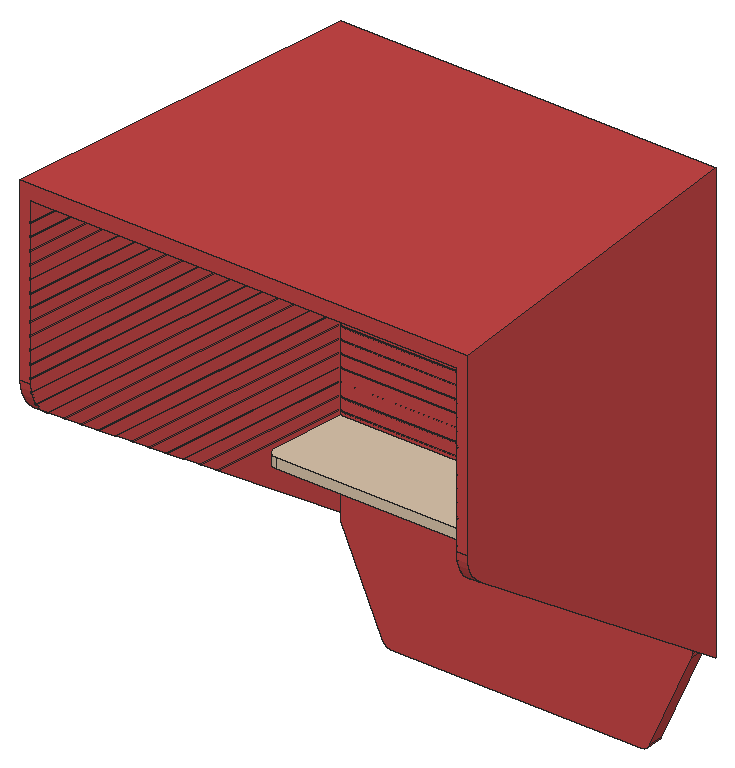
Revit family "Haworth_BuzziHood", category Furniture, host Wall, Revit 2018
Family settings
  Host = Wall
  Always vertical = Yes
  Cut with Voids When Loaded = No
  Shared = No
  Room Calculation Point = No
Parameters (values of type "HCBZ-HDB1-32TW")
  Wood Tablet Finish [instance] = Haworth _ Wood _ Oak BOK-OAK
  Wood Tablet = not(or(No Tablet, Tablet))  # yes
  Warranty = "https://www.haworth.com/resources/product-info/warranties"
  Void Length = if(Flat, 5", 42 1/2")  # 42 1/2"
  Upholstery Finish [instance] = Haworth _ Fabric _ Trevira CS _ Berry BCS-4017
  URL - Product = "https://www.haworth.com/products/architectural-interiors/acoustic-solutions/buzzihood"
  URL = "https://www.haworth.com/our-brands/haworth-collection"
  Tablet Finish [instance] = Haworth _ Paint _ Black BTR-9005
  Tablet = no
  Size = "Verify Final Dim. w/ Haworth"  # constant formula
  Revision Number = "1"  # constant formula
  No Tablet = no
  Mounting Height = 39 47/128"  # constant formula
  Model = "HCBZ-HDB1"  # constant formula
  Manufacturer = "Haworth"  # constant formula
  Flat = not([3D])  # no
  Description = "Haworth BuzziHood Wall Mounted Privacy Booth 3D w Wood Tablet"
  Default Elevation = 48"  # constant formula
  Back Void Length = if(Flat, 1/4", 2 121/256")  # 2 121/256"
  Author = "Haworth (Abd Rahman)"  # constant formula
  Assembly Code = "E2020200"
  Actual Width = 35 61/256"  # constant formula
  Actual Height = 42 33/256"  # constant formula
  Actual Depth = 27 243/256"  # constant formula
  3D = yes
Types (6): name | Wood Tablet | Void Length | Tablet | No Tablet | Flat | Description | Back Void Length | 3D
  HCBZ-HDB1-F2 | no | 5" | no | yes | yes | "Haworth BuzziHood Wall Mounted Privacy Booth Flat w/o Tablet" | 1/4" | no
  HCBZ-HDB1-F2TP | no | 5" | yes | no | yes | "Haworth BuzziHood Wall Mounted Privacy Booth Flat w Painted Tablet" | 1/4" | no
  HCBZ-HDB1-F2TW | yes | 5" | no | no | yes | "Haworth BuzziHood Wall Mounted Privacy Booth Flat w/ Wood Tablet" | 1/4" | no
  HCBZ-HDB1-32 | no | 42 1/2" | no | yes | no | "Haworth BuzziHood Wall Mounted Privacy Booth 3D w/o Tablet" | 2 121/256" | yes
  HCBZ-HDB1-32TP | no | 42 1/2" | yes | no | no | "Haworth BuzziHood Wall Mounted Privacy Booth 3D w Painted Tablet" | 2 121/256" | yes
  HCBZ-HDB1-32TW | yes | 42 1/2" | no | no | no | "Haworth BuzziHood Wall Mounted Privacy Booth 3D w Wood Tablet" | 2 121/256" | yes
Reference planes (in)
  plane 1 "Wall": y = -2.64026
  plane 2 "Center (Left/Right)": x = 4.92126
  plane 3 "Back": y = 4
  plane 4: x = -12.69788
  plane 5: x = 22.5404
  plane 6: y = -31.61073
  plane 7: y = -17.63612
  plane 8: z = 39.36719
  plane 9: z = 81.49609
  plane 10: through (23.13871, -47.0757, 47.24409) normal (0.1045, -0.9945, 0)
  plane 11 "Angle 2": through (-8.95825, -4.80304, 47.24409) normal (0.1045, 0.9945, 0)
  plane 12: through (-13.40071, -47.07022, 47.24409) normal (0.1045, 0.9945, 0)
  plane 13: y = -3.66151
  plane 14: y = -2.95276
  plane 15: z = 80.35433
  plane 16 "Angle 1": through (18.8002, -4.7976, 47.24409) normal (0.1045, -0.9945, 0)
  plane 17: y = -4.80348
  plane 18 "Back Void 1": y = -6.27663
  plane 19 "Back Void 2": y = -3.80397
Forms (in)
  Extrusion 1, void
    sketch origin (4.92126, 0, 0) x (0, 1, 0) y (0, 0, 1)
      loop
        line (-2.95276, 37.12008) -> (-2.95276, 46.43867) -> (-30.28981, 64.91481)
        arc (-30.28981, 64.91481) -> (-31.26001, 65.99384) -> (-31.61073, 67.40189) r 3.00185
        line (-31.61073, 67.40189) -> (-31.61073, 37.12008) -> (-2.95276, 37.12008)
    from -20.23768 to 20.31211
  Extrusion 2, solid, material "Haworth _ Wood _ Oak BOK-OAK" <- "Wood Tablet Finish", visible <- "Wood Tablet"
    sketch origin (0, -0.75, 0) x (1, 0, 0) y (0, 1, 0)
      loop
        arc (18.5017, -10.71749) -> (19.0019, -10.4954) -> (19.17264, -9.97542) r 0.67435
        line (19.17264, -9.97542) -> (18.57489, -4.05348) -> (-8.85797, -4.05348) -> (-9.44434, -9.76615)
        arc (-9.44434, -9.76615) -> (-9.22642, -10.43266) -> (-8.58564, -10.71749) r 0.86321
        line (-8.58564, -10.71749) -> (18.5017, -10.71749)
    from 53.74016 to 54.52756
  Extrusion 3, solid, material "Haworth _ Paint _ Black BTR-9005" <- "Tablet Finish", visible <- "Tablet"
    sketch origin (4.92126, -0.65625, 0.125) x (0, 1, 0) y (0, 0, 1)
      loop
        line (-4.13969, 52.32789) -> (-4.13969, 54.64567) -> (-4.19874, 54.64567) -> (-4.19874, 52.35235) -> (-6.08841, 50.46269) -> (-6.32504, 50.69932) -> (-6.3668, 50.65756) -> (-6.08841, 50.37917) -> (-4.13969, 52.32789)
    from -9.41593 to 9.49741
  Extrusion 4, void
    sketch origin (0, -0.65625, 0) x (1, 0, 0) y (0, 1, 0)
      loop
        line (14.41867, -6.34826) -> (14.41867, -4.19874) -> (13.63631, -4.19874) -> (14.41867, -6.34826)
      loop
        line (-4.57615, -6.34826) -> (-3.79379, -4.19874) -> (-4.57615, -4.19874) -> (-4.57615, -6.34826)
    from 46.90232 to 52.47735
  Extrusion 5, void
    sketch origin (0, -2.64026, 0) x (1, 0, 0) y (0, 0, 1)
      loop
        line (-8.8873, 79.88084) -> (-8.8873, 79.75652) -> (18.7314, 79.75652) -> (18.7314, 79.88084) -> (-8.8873, 79.88084)
      loop
        line (-8.8873, 78.88084) -> (-8.8873, 78.75652) -> (18.7314, 78.75652) -> (18.7314, 78.88084) -> (-8.8873, 78.88084)
      loop
        line (-8.8873, 77.88084) -> (-8.8873, 77.75652) -> (18.7314, 77.75652) -> (18.7314, 77.88084) -> (-8.8873, 77.88084)
      loop
        line (-8.8873, 76.88084) -> (-8.8873, 76.75652) -> (18.7314, 76.75652) -> (18.7314, 76.88084) -> (-8.8873, 76.88084)
      loop
        line (-8.8873, 75.88084) -> (-8.8873, 75.75652) -> (18.7314, 75.75652) -> (18.7314, 75.88084) -> (-8.8873, 75.88084)
      loop
        line (-8.8873, 74.88084) -> (-8.8873, 74.75652) -> (18.7314, 74.75652) -> (18.7314, 74.88084) -> (-8.8873, 74.88084)
      loop
        line (-8.8873, 73.88084) -> (-8.8873, 73.75652) -> (18.7314, 73.75652) -> (18.7314, 73.88084) -> (-8.8873, 73.88084)
      loop
        line (-8.8873, 72.88084) -> (-8.8873, 72.75652) -> (18.7314, 72.75652) -> (18.7314, 72.88084) -> (-8.8873, 72.88084)
      loop
        line (-8.8873, 71.88084) -> (-8.8873, 71.75652) -> (18.7314, 71.75652) -> (18.7314, 71.88084) -> (-8.8873, 71.88084)
      loop
        line (-8.8873, 70.88084) -> (-8.8873, 70.75652) -> (18.7314, 70.75652) -> (18.7314, 70.88084) -> (-8.8873, 70.88084)
      loop
        line (-8.8873, 69.88084) -> (-8.8873, 69.75652) -> (18.7314, 69.75652) -> (18.7314, 69.88084) -> (-8.8873, 69.88084)
      loop
        line (-8.8873, 68.88084) -> (-8.8873, 68.75652) -> (18.7314, 68.75652) -> (18.7314, 68.88084) -> (-8.8873, 68.88084)
      loop
        line (-8.8873, 67.88084) -> (-8.8873, 67.75652) -> (18.7314, 67.75652) -> (18.7314, 67.88084) -> (-8.8873, 67.88084)
      loop
        line (-8.8873, 66.88084) -> (-8.8873, 66.75652) -> (18.7314, 66.75652) -> (18.7314, 66.88084) -> (-8.8873, 66.88084)
      loop
        line (-8.8873, 65.88084) -> (-8.8873, 65.75652) -> (18.7314, 65.75652) -> (18.7314, 65.88084) -> (-8.8873, 65.88084)
      loop
        line (-8.8873, 64.88084) -> (-8.8873, 64.75652) -> (18.7314, 64.75652) -> (18.7314, 64.88084) -> (-8.8873, 64.88084)
      loop
        line (-8.8873, 63.88084) -> (-8.8873, 63.75652) -> (18.7314, 63.75652) -> (18.7314, 63.88084) -> (-8.8873, 63.88084)
      loop
        line (-8.8873, 62.88084) -> (-8.8873, 62.75652) -> (18.7314, 62.75652) -> (18.7314, 62.88084) -> (-8.8873, 62.88084)
      loop
        line (-8.8873, 61.88084) -> (-8.8873, 61.75652) -> (18.7314, 61.75652) -> (18.7314, 61.88084) -> (-8.8873, 61.88084)
      loop
        line (-8.8873, 60.88084) -> (-8.8873, 60.75652) -> (18.7314, 60.75652) -> (18.7314, 60.88084) -> (-8.8873, 60.88084)
      loop
        line (-8.8873, 59.88084) -> (-8.8873, 59.75652) -> (18.7314, 59.75652) -> (18.7314, 59.88084) -> (-8.8873, 59.88084)
      loop
        line (-8.8873, 58.88084) -> (-8.8873, 58.75652) -> (18.7314, 58.75652) -> (18.7314, 58.88084) -> (-8.8873, 58.88084)
      loop
        line (-8.8873, 57.88084) -> (-8.8873, 57.75652) -> (18.7314, 57.75652) -> (18.7314, 57.88084) -> (-8.8873, 57.88084)
      loop
        line (-8.8873, 56.88084) -> (-8.8873, 56.75652) -> (18.7314, 56.75652) -> (18.7314, 56.88084) -> (-8.8873, 56.88084)
      loop
        line (-8.8873, 55.88084) -> (-8.8873, 55.75652) -> (18.7314, 55.75652) -> (18.7314, 55.88084) -> (-8.8873, 55.88084)
      loop
        line (-8.8873, 54.88084) -> (-8.8873, 54.75652) -> (18.7314, 54.75652) -> (18.7314, 54.88084) -> (-8.8873, 54.88084)
    from 1.16371 to 3.63637
  Extrusion 6, void
    sketch origin (4.11119, -37.03575, 0) x (0.994522, 0.104528, 0) y (0, 0, 1)
      loop
        line (17.13051, 79.88084) -> (17.13051, 79.75652) -> (17.92775, 79.75652) -> (17.92775, 79.88084) -> (17.13051, 79.88084)
      loop
        line (17.13051, 78.88084) -> (17.13051, 78.75652) -> (18.0912, 78.75652) -> (18.0912, 78.88084) -> (17.13051, 78.88084)
      loop
        line (17.13051, 77.88084) -> (17.13051, 77.75652) -> (18.0912, 77.75652) -> (18.0912, 77.88084) -> (17.13051, 77.88084)
      loop
        line (17.13051, 76.88084) -> (17.13051, 76.75652) -> (18.0912, 76.75652) -> (18.0912, 76.88084) -> (17.13051, 76.88084)
      loop
        line (17.13051, 75.88084) -> (17.13051, 75.75652) -> (18.0912, 75.75652) -> (18.0912, 75.88084) -> (17.13051, 75.88084)
      loop
        line (17.13051, 74.88084) -> (17.13051, 74.75652) -> (18.0912, 74.75652) -> (18.0912, 74.88084) -> (17.13051, 74.88084)
      loop
        line (17.13051, 73.88084) -> (17.13051, 73.75652) -> (18.0912, 73.75652) -> (18.0912, 73.88084) -> (17.13051, 73.88084)
      loop
        line (17.13051, 72.88084) -> (17.13051, 72.75652) -> (18.0912, 72.75652) -> (18.0912, 72.88084) -> (17.13051, 72.88084)
      loop
        line (17.13051, 71.88084) -> (17.13051, 71.75652) -> (18.0912, 71.75652) -> (18.0912, 71.88084) -> (17.13051, 71.88084)
      loop
        line (17.13051, 70.88084) -> (17.13051, 70.75652) -> (18.0912, 70.75652) -> (18.0912, 70.88084) -> (17.13051, 70.88084)
      loop
        line (17.13051, 69.88084) -> (17.13051, 69.75652) -> (18.0912, 69.75652) -> (18.0912, 69.88084) -> (17.13051, 69.88084)
      loop
        line (17.13051, 68.88084) -> (17.13051, 68.75652) -> (18.0912, 68.75652) -> (18.0912, 68.88084) -> (17.13051, 68.88084)
      loop
        line (17.13051, 67.88084) -> (17.13051, 67.75652) -> (18.0912, 67.75652) -> (18.0912, 67.88084) -> (17.13051, 67.88084)
      loop
        line (17.13051, 66.88084) -> (17.13051, 66.75652) -> (18.0912, 66.75652) -> (18.0912, 66.88084) -> (17.13051, 66.88084)
      loop
        line (17.13051, 65.88084) -> (17.13051, 65.75652) -> (18.0912, 65.75652) -> (18.0912, 65.88084) -> (17.13051, 65.88084)
      loop
        line (17.13051, 64.88084) -> (17.13051, 64.75652) -> (18.0912, 64.75652) -> (18.0912, 64.88084) -> (17.13051, 64.88084)
      loop
        line (17.13051, 63.88084) -> (17.13051, 63.75652) -> (18.0912, 63.75652) -> (18.0912, 63.88084) -> (17.13051, 63.88084)
      loop
        line (17.13051, 62.88084) -> (17.13051, 62.75652) -> (18.0912, 62.75652) -> (18.0912, 62.88084) -> (17.13051, 62.88084)
      loop
        line (17.13051, 61.88084) -> (17.13051, 61.75652) -> (18.0912, 61.75652) -> (18.0912, 61.88084) -> (17.13051, 61.88084)
      loop
        line (17.13051, 60.88084) -> (17.13051, 60.75652) -> (18.0912, 60.75652) -> (18.0912, 60.88084) -> (17.13051, 60.88084)
      loop
        line (17.13051, 59.88084) -> (17.13051, 59.75652) -> (18.0912, 59.75652) -> (18.0912, 59.88084) -> (17.13051, 59.88084)
      loop
        line (17.13051, 58.88084) -> (17.13051, 58.75652) -> (18.0912, 58.75652) -> (18.0912, 58.88084) -> (17.13051, 58.88084)
      loop
        line (17.13051, 57.88084) -> (17.13051, 57.75652) -> (18.0912, 57.75652) -> (18.0912, 57.88084) -> (17.13051, 57.88084)
      loop
        line (17.13051, 56.88084) -> (17.13051, 56.75652) -> (18.0912, 56.75652) -> (18.0912, 56.88084) -> (17.13051, 56.88084)
      loop
        line (17.13051, 55.88084) -> (17.13051, 55.75652) -> (18.0912, 55.75652) -> (18.0912, 55.88084) -> (17.13051, 55.88084)
      loop
        line (17.13051, 54.88084) -> (17.13051, 54.75652) -> (18.0912, 54.75652) -> (18.0912, 54.88084) -> (17.13051, 54.88084)
    from -30.52613 to 11.97387
  Extrusion 7, solid, material "Haworth _ Paint _ Black BTR-9005" <- "Tablet Finish"
    sketch origin (0, -2.64026, 0) x (1, 0, 0) y (0, 0, 1)
      loop
        line (-4.52756, 73.14961) -> (-4.52756, 70.15748) -> (14.37008, 70.15748) -> (14.37008, 73.14961) -> (-4.52756, 73.14961)
      loop
        line (14.37008, 54.64567) -> (-4.52756, 54.64567) -> (-4.52756, 51.65354) -> (14.37008, 51.65354) -> (14.37008, 54.64567)
    from 0.3125 to 1.02125
  Extrusion 8, solid, material "Haworth _ Fabric _ Trevira CS _ Berry BCS-4017" <- "Upholstery Finish"
    sketch origin (0, 0, 0) x (1, 0, 0) y (0, 1, 0)
      loop
        line (-11.81365, -31.61073) -> (21.65617, -31.61073) -> (18.7725, -3.66151) -> (-8.92998, -3.66151) -> (-11.81365, -31.61073)
    from 80.35433 to 81.49609
  Extrusion 9, solid, material "Haworth _ Fabric _ Trevira CS _ Berry BCS-4017" <- "Upholstery Finish"
    sketch origin (0, 0, 0) x (1, 0, 0) y (0, 1, 0)
      loop
        line (21.65617, -31.61073) -> (22.53454, -31.61073) -> (19.68059, -3.66151) -> (18.7725, -3.66151) -> (21.65617, -31.61073)
      loop
        line (-8.92998, -3.66151) -> (-9.83204, -3.66151) -> (-12.68601, -31.61073) -> (-11.81365, -31.61073) -> (-8.92998, -3.66151)
    from 39.36719 to 81.49609
  Extrusion 10, void
    sketch origin (5.73914, -37.03575, 0) x (-0.994522, 0.104528, 0) y (0, 0, -1)
      loop
        line (17.13051, -79.88084) -> (17.92775, -79.88084) -> (17.92775, -79.75652) -> (17.13051, -79.75652) -> (17.13051, -79.88084)
      loop
        line (17.13051, -78.88084) -> (18.0912, -78.88084) -> (18.0912, -78.75652) -> (17.13051, -78.75652) -> (17.13051, -78.88084)
      loop
        line (17.13051, -77.88084) -> (18.0912, -77.88084) -> (18.0912, -77.75652) -> (17.13051, -77.75652) -> (17.13051, -77.88084)
      loop
        line (17.13051, -76.88084) -> (18.0912, -76.88084) -> (18.0912, -76.75652) -> (17.13051, -76.75652) -> (17.13051, -76.88084)
      loop
        line (17.13051, -75.88084) -> (18.0912, -75.88084) -> (18.0912, -75.75652) -> (17.13051, -75.75652) -> (17.13051, -75.88084)
      loop
        line (17.13051, -74.88084) -> (18.0912, -74.88084) -> (18.0912, -74.75652) -> (17.13051, -74.75652) -> (17.13051, -74.88084)
      loop
        line (17.13051, -73.88084) -> (18.0912, -73.88084) -> (18.0912, -73.75652) -> (17.13051, -73.75652) -> (17.13051, -73.88084)
      loop
        line (17.13051, -72.88084) -> (18.0912, -72.88084) -> (18.0912, -72.75652) -> (17.13051, -72.75652) -> (17.13051, -72.88084)
      loop
        line (17.13051, -71.88084) -> (18.0912, -71.88084) -> (18.0912, -71.75652) -> (17.13051, -71.75652) -> (17.13051, -71.88084)
      loop
        line (17.13051, -70.88084) -> (18.0912, -70.88084) -> (18.0912, -70.75652) -> (17.13051, -70.75652) -> (17.13051, -70.88084)
      loop
        line (17.13051, -69.88084) -> (18.0912, -69.88084) -> (18.0912, -69.75652) -> (17.13051, -69.75652) -> (17.13051, -69.88084)
      loop
        line (17.13051, -68.88084) -> (18.0912, -68.88084) -> (18.0912, -68.75652) -> (17.13051, -68.75652) -> (17.13051, -68.88084)
      loop
        line (17.13051, -67.88084) -> (18.0912, -67.88084) -> (18.0912, -67.75652) -> (17.13051, -67.75652) -> (17.13051, -67.88084)
      loop
        line (17.13051, -66.88084) -> (18.0912, -66.88084) -> (18.0912, -66.75652) -> (17.13051, -66.75652) -> (17.13051, -66.88084)
      loop
        line (17.13051, -65.88084) -> (18.0912, -65.88084) -> (18.0912, -65.75652) -> (17.13051, -65.75652) -> (17.13051, -65.88084)
      loop
        line (17.13051, -64.88084) -> (18.0912, -64.88084) -> (18.0912, -64.75652) -> (17.13051, -64.75652) -> (17.13051, -64.88084)
      loop
        line (17.13051, -63.88084) -> (18.0912, -63.88084) -> (18.0912, -63.75652) -> (17.13051, -63.75652) -> (17.13051, -63.88084)
      loop
        line (17.13051, -62.88084) -> (18.0912, -62.88084) -> (18.0912, -62.75652) -> (17.13051, -62.75652) -> (17.13051, -62.88084)
      loop
        line (17.13051, -61.88084) -> (18.0912, -61.88084) -> (18.0912, -61.75652) -> (17.13051, -61.75652) -> (17.13051, -61.88084)
      loop
        line (17.13051, -60.88084) -> (18.0912, -60.88084) -> (18.0912, -60.75652) -> (17.13051, -60.75652) -> (17.13051, -60.88084)
      loop
        line (17.13051, -59.88084) -> (18.0912, -59.88084) -> (18.0912, -59.75652) -> (17.13051, -59.75652) -> (17.13051, -59.88084)
      loop
        line (17.13051, -58.88084) -> (18.0912, -58.88084) -> (18.0912, -58.75652) -> (17.13051, -58.75652) -> (17.13051, -58.88084)
      loop
        line (17.13051, -57.88084) -> (18.0912, -57.88084) -> (18.0912, -57.75652) -> (17.13051, -57.75652) -> (17.13051, -57.88084)
      loop
        line (17.13051, -56.88084) -> (18.0912, -56.88084) -> (18.0912, -56.75652) -> (17.13051, -56.75652) -> (17.13051, -56.88084)
      loop
        line (17.13051, -55.88084) -> (18.0912, -55.88084) -> (18.0912, -55.75652) -> (17.13051, -55.75652) -> (17.13051, -55.88084)
      loop
        line (17.13051, -54.88084) -> (18.0912, -54.88084) -> (18.0912, -54.75652) -> (17.13051, -54.75652) -> (17.13051, -54.88084)
    from -30.51984 to 11.98016
  Extrusion 11, solid, material "Haworth _ Fabric _ Trevira CS _ Berry BCS-4017" <- "Upholstery Finish"
    sketch origin (0, -2.64026, 0) x (1, 0, 0) y (0, 0, 1)
      loop
        arc (-5.589, 39.79431) -> (-5.32223, 39.48329) -> (-4.92926, 39.36719) r 0.72307
        line (-4.92926, 39.36719) -> (14.74324, 39.36719)
        arc (14.74324, 39.36719) -> (15.13482, 39.48247) -> (15.40146, 39.79155) r 0.72266
        line (15.40146, 39.79155) -> (18.7063, 47.08409)
        arc (18.7063, 47.08409) -> (18.75574, 47.23373) -> (18.77247, 47.39044) r 0.74219
        line (18.77247, 47.39044) -> (18.77253, 80.35433) -> (-8.93028, 80.35433) -> (-8.92969, 47.4003)
        arc (-8.92969, 47.4003) -> (-8.91325, 47.24498) -> (-8.86468, 47.09654) r 0.74219
        line (-8.86468, 47.09654) -> (-5.589, 39.79431)
    from 1.02125 to 2.16323
Cuts and joins
  Extrusion 4 cuts Extrusion 3
  Extrusion 1, Extrusion 6, Extrusion 10 cuts Extrusion 9
  joined: Extrusion 8, Extrusion 9
  Extrusion 5 cuts Extrusion 11
Lines and regions (in)
  Masking region 1
    outline origin (0, 0, 0) x (1, 0, 0) y (0, 1, 0)
      loop
        line (14.37008, -2.95276) -> (-4.52756, -2.95276) -> (-4.52756, -3.66151) -> (-9.83204, -3.66151) -> (-12.68601, -31.61073) -> (22.53454, -31.61073) -> (19.68059, -3.66151) -> (14.37008, -3.66151) -> (14.37008, -2.95276)
  symbolic lines
    curve 1: line (-4.52756, -3.66151, 0) -> (14.37008, -3.66151, 0)
Text (in)
  text "Placement Side" at (-72.78884, 43.96769, 0), in view "Ref. Level"
  text "Placement side" at (0, 55.50411, 112.37426), in view "Left"
  text "Placement side" at (0, 19.67758, 117.35164), in view "Right"
Dimensions and locks (in)
  locked: plane 3 "Back" to host wall
  equal spacing: plane 4, plane 2 "Center (Left/Right)", plane 5
  "Actual Width": plane 4 to plane 5
  "Actual Height": plane 9 to plane 8
  "Mounting Height": plane 8 to level
  "Void Length": plane 12 to plane 11 "Angle 2"
  "Actual Depth": plane 6 to plane 13
  "Back Void Length": plane 19 "Back Void 2" to plane 18 "Back Void 1"
  "Void Length": plane 10 to plane 16 "Angle 1"
  equal spacing: plane 6, plane 7, plane 13
  aligned and locked: plane 10 to Extrusion 6
  aligned and locked: Extrusion 1 to Extrusion 7
  aligned and locked: Extrusion 7 to plane 14
  aligned and locked: plane 9 to Extrusion 8
  aligned and locked: plane 15 to Extrusion 8
  aligned and locked: plane 9 to Extrusion 9
  aligned and locked: Extrusion 9 to plane 8
  aligned and locked: plane 12 to Extrusion 10
  aligned and locked: Extrusion 10 to plane 11 "Angle 2"
  aligned and locked: Extrusion 6 to plane 16 "Angle 1"
  aligned and locked: Extrusion 11 to plane 13
  aligned and locked: plane 17 to Extrusion 11
  aligned and locked: Extrusion 2 to plane 17
  aligned and locked: Extrusion 5 to plane 18 "Back Void 1"
  aligned and locked: plane 19 "Back Void 2" to Extrusion 5
  aligned and locked: plane 13 to Extrusion 7
Automatic sketch dimensions
  Extrusion 2 sketch curve to plane 4 = 3.25355"
  plane 13 to Extrusion 2 sketch curve = 1.14197"
  Extrusion 2 sketch curve to plane 4 = 3.83991"
  Extrusion 2 sketch curve to Extrusion 2 sketch curve = 0.8587"
  Extrusion 2 sketch curve to plane 5 = 4.0387"
  Extrusion 2 sketch curve to plane 5 = 3.96551"
  Extrusion 2 sketch curve to Extrusion 2 sketch curve = 0.67094"
  Extrusion 2 sketch curve to Extrusion 2 sketch curve = 5.71266"
  Extrusion 2 sketch curve to Extrusion 2 sketch curve = 0.08814"
  Extrusion 2 sketch curve to Extrusion 2 sketch curve = 0.74207"
  plane 13 to Extrusion 3 sketch curve = 3.36154"
  Extrusion 3 sketch curve to Extrusion 3 sketch curve = 0.04176"
  Extrusion 3 sketch curve to Extrusion 3 sketch curve = 0.23663"
  Extrusion 3 sketch curve to Extrusion 3 sketch curve = 0"
  plane 13 to Extrusion 3 sketch curve = 1.19348"
  Extrusion 3 sketch curve to Extrusion 3 sketch curve = 0.05906"
  plane 8 to Extrusion 3 sketch curve = 11.13698"
  Extrusion 3 sketch curve to Extrusion 3 sketch curve = 0.19487"
  Extrusion 3 sketch curve to Extrusion 3 sketch curve = 2.29332"
  plane 13 to Extrusion 4 sketch curve = 3.343"
  Extrusion 4 sketch curve to plane 4 = 8.12173"
  Extrusion 4 sketch curve to Extrusion 4 sketch curve = 0.78236"  (x2)
  plane 13 to Extrusion 4 sketch curve = 1.19348"  (x2)
  plane 2 "Center (Left/Right)" to Extrusion 4 sketch curve = 8.71505"
  Extrusion 4 sketch curve to Extrusion 4 sketch curve = 2.14952"
  plane 15 to Extrusion 6 sketch curve = 0.47349"
  Extrusion 6 sketch curve to Extrusion 6 sketch curve = 0"  (x48)
  Extrusion 6 sketch curve to Extrusion 6 sketch curve = 0.79723"
  Extrusion 6 sketch curve to Extrusion 6 sketch curve = 0.96069"  (x2)
  Extrusion 6 sketch curve to Extrusion 6 sketch curve = 0.12431"  (x26)
  Extrusion 6 sketch curve to Extrusion 6 sketch curve = 0.87569"  (x25)
  plane 6 to Extrusion 8 sketch curve = 0"
  plane 13 to Extrusion 8 sketch curve = 0"
  Extrusion 8 sketch curve to plane 4 = 0.88423"
  Extrusion 8 sketch curve to plane 4 = 3.7679"
  Extrusion 8 sketch curve to plane 5 = 3.7679"
  Extrusion 8 sketch curve to plane 5 = 0.88423"
  plane 6 to Extrusion 9 sketch curve = 0"  (x2)
  plane 13 to Extrusion 9 sketch curve = 0"  (x2)
  Extrusion 9 sketch curve to plane 4 = 0.01187"
  Extrusion 9 sketch curve to Extrusion 9 sketch curve = 0.87235"
  Extrusion 9 sketch curve to plane 4 = 2.86584"
  Extrusion 9 sketch curve to Extrusion 9 sketch curve = 0.90205"
  Extrusion 9 sketch curve to plane 5 = 3.7679"
  Extrusion 9 sketch curve to Extrusion 9 sketch curve = 0.90808"
  Extrusion 9 sketch curve to plane 5 = 0.88423"
  Extrusion 9 sketch curve to plane 5 = 0.00587"
  plane 15 to Extrusion 10 sketch curve = 0.47349"
  Extrusion 10 sketch curve to Extrusion 10 sketch curve = 0"  (x48)
  Extrusion 10 sketch curve to Extrusion 10 sketch curve = 0.79723"
  Extrusion 10 sketch curve to Extrusion 10 sketch curve = 0.96069"  (x2)
  Extrusion 10 sketch curve to Extrusion 10 sketch curve = 0.12431"  (x26)
  Extrusion 10 sketch curve to Extrusion 10 sketch curve = 0.87569"  (x25)
  Extrusion 11 sketch curve to plane 15 = 0"
  Extrusion 11 sketch curve to plane 8 = 0"
  Extrusion 11 sketch curve to plane 4 = 3.7676"
  Extrusion 11 sketch curve to plane 4 = 3.76819"
  Extrusion 11 sketch curve to Extrusion 11 sketch curve = 0.06501"
  Extrusion 11 sketch curve to Extrusion 11 sketch curve = 95/128"
  plane 8 to Extrusion 11 sketch curve = 0.42712"
  Extrusion 11 sketch curve to plane 4 = 7.10888"
  Extrusion 11 sketch curve to Extrusion 11 sketch curve = 0.65973"
  Extrusion 11 sketch curve to plane 5 = 7.79716"
  plane 8 to Extrusion 11 sketch curve = 0.42436"
  Extrusion 11 sketch curve to Extrusion 11 sketch curve = 0.65822"
  Extrusion 11 sketch curve to plane 5 = 4.51011"
  Extrusion 11 sketch curve to Extrusion 11 sketch curve = 0.67601"
  Extrusion 11 sketch curve to Extrusion 11 sketch curve = 0.06618"
  Extrusion 11 sketch curve to plane 5 = 3.76787"
  plane 8 to Extrusion 11 sketch curve = 7.7169"
  plane 8 to Extrusion 11 sketch curve = 7.72935"
  Extrusion 11 sketch curve to Extrusion 11 sketch curve = 0.30635"
  Extrusion 11 sketch curve to Extrusion 11 sketch curve = 0.30376"
  plane 15 to Extrusion 5 sketch curve = 0.5978"
  Extrusion 5 sketch curve to plane 4 = 3.81058"  (x2)
  Extrusion 5 sketch curve to Extrusion 5 sketch curve = 0"  (x49)
  Extrusion 5 sketch curve to plane 5 = 3.809"
  Extrusion 5 sketch curve to Extrusion 5 sketch curve = 0.87569"  (x25)
  Extrusion 5 sketch curve to Extrusion 5 sketch curve = 0.12431"  (x26)
  Extrusion 1 sketch curve to plane 6 = 0"
  host wall to Extrusion 1 sketch curve = 1.04725"
  Extrusion 1 sketch curve to plane 6 = 3.00185"
  Extrusion 1 sketch curve to plane 8 = 2.24711"
  plane 15 to Extrusion 1 sketch curve = 12.95243"
  Extrusion 1 sketch curve to plane 6 = 1.32092"
  plane 8 to Extrusion 1 sketch curve = 7.07149"
  Extrusion 7 sketch curve to plane 4 = 8.17032"  (x2)
  Extrusion 7 sketch curve to plane 5 = 8.17032"  (x2)
  plane 8 to Extrusion 7 sketch curve = 12.28635"
  Extrusion 7 sketch curve to Extrusion 7 sketch curve = 2.99213"
  plane 15 to Extrusion 7 sketch curve = 10.19684"
  Extrusion 7 sketch curve to Extrusion 7 sketch curve = 2.99212"
  plane 6 to Masking region 1 sketch curve = 0"
  plane 13 to Masking region 1 sketch curve = 0"  (x2)
  plane 14 to Masking region 1 sketch curve = 0"
  Masking region 1 sketch curve to plane 4 = 0.01187"
  Masking region 1 sketch curve to plane 4 = 2.86584"
  Masking region 1 sketch curve to Masking region 1 sketch curve = 5.30448"
  Masking region 1 sketch curve to plane 5 = 8.17032"
  Masking region 1 sketch curve to plane 5 = 2.85981"
  Masking region 1 sketch curve to plane 5 = 0.00587"
  plane 13 to curve 1 = 0"
  curve 1 to plane 4 = 8.17032"
  curve 1 to plane 5 = 8.17032"
